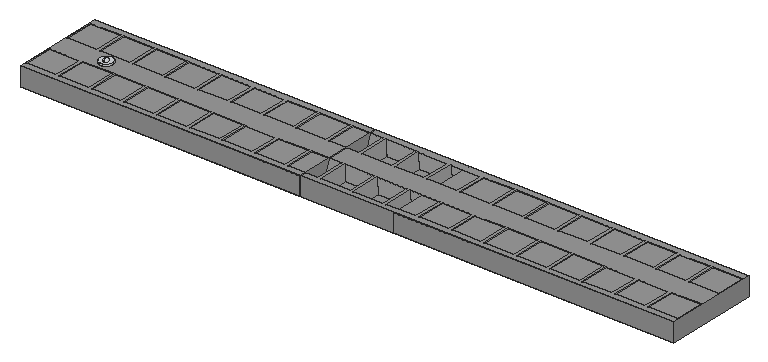
Revit family "2023775", category Lighting Fixtures, host Face, Revit 2018 (continued)
Automatic sketch dimensions
  Blend 64 sketch curve to plane 6 = 23.5 mm
  Blend 65 sketch curve to plane 12 = 0 mm
  Blend 65 sketch curve to plane 49 = 0 mm
  Blend 65 sketch curve to plane 51 = 0.009 mm
  Blend 65 sketch curve to plane 6 = 13 mm
  plane 49 to Blend 65 sketch curve = 10.5 mm
  Blend 65 sketch curve to plane 51 = 10.509 mm
  plane 12 to Blend 65 sketch curve = 10.5 mm
  Blend 65 sketch curve to plane 6 = 23.5 mm
  Extrusion 66 sketch curve to plane 59 = 0 mm
  Extrusion 66 sketch curve to plane 58 = 0 mm
  plane 12 to Extrusion 66 sketch curve = 10.5 mm
  Extrusion 66 sketch curve to plane 6 = 23.5 mm
  plane 50 to Extrusion 67 sketch curve = 10.5 mm
  Extrusion 67 sketch curve to plane 14 = 10.5 mm
  plane 12 to Extrusion 67 sketch curve = 10.5 mm
  Extrusion 67 sketch curve to plane 6 = 23.5 mm
  plane 15 to Extrusion 68 sketch curve = 10.5 mm
  Extrusion 68 sketch curve to plane 16 = 10.5 mm
  plane 12 to Extrusion 68 sketch curve = 10.5 mm
  Extrusion 68 sketch curve to plane 6 = 23.5 mm
  plane 17 to Extrusion 69 sketch curve = 10.5 mm
  Extrusion 69 sketch curve to plane 18 = 10.5 mm
  plane 12 to Extrusion 69 sketch curve = 10.5 mm
  Extrusion 69 sketch curve to plane 6 = 23.5 mm
  plane 19 to Extrusion 70 sketch curve = 10.5 mm
  Extrusion 70 sketch curve to plane 20 = 10.5 mm
  plane 12 to Extrusion 70 sketch curve = 10.5 mm
  Extrusion 70 sketch curve to plane 6 = 23.5 mm
  plane 21 to Extrusion 71 sketch curve = 10.5 mm
  Extrusion 71 sketch curve to plane 22 = 10.5 mm
  plane 12 to Extrusion 71 sketch curve = 10.5 mm
  Extrusion 71 sketch curve to plane 6 = 23.5 mm
  plane 23 to Extrusion 72 sketch curve = 10.5 mm
  Extrusion 72 sketch curve to plane 24 = 10.5 mm
  plane 12 to Extrusion 72 sketch curve = 10.5 mm
  Extrusion 72 sketch curve to plane 6 = 23.5 mm
  plane 31 to Extrusion 73 sketch curve = 10.5 mm
  Extrusion 73 sketch curve to plane 32 = 10.5 mm
  plane 12 to Extrusion 73 sketch curve = 10.5 mm
  Extrusion 73 sketch curve to plane 6 = 23.5 mm
  plane 33 to Extrusion 74 sketch curve = 10.5 mm
  Extrusion 74 sketch curve to plane 34 = 10.5 mm
  plane 12 to Extrusion 74 sketch curve = 10.5 mm
  Extrusion 74 sketch curve to plane 6 = 23.5 mm
  plane 35 to Extrusion 75 sketch curve = 10.5 mm
  Extrusion 75 sketch curve to plane 36 = 10.5 mm
  plane 12 to Extrusion 75 sketch curve = 10.5 mm
  Extrusion 75 sketch curve to plane 6 = 23.5 mm
  plane 37 to Extrusion 76 sketch curve = 10.5 mm
  Extrusion 76 sketch curve to plane 38 = 10.5 mm
  plane 12 to Extrusion 76 sketch curve = 10.5 mm
  Extrusion 76 sketch curve to plane 6 = 23.5 mm
  plane 39 to Extrusion 77 sketch curve = 10.5 mm
  Extrusion 77 sketch curve to plane 40 = 10.5 mm
  plane 12 to Extrusion 77 sketch curve = 10.5 mm
  Extrusion 77 sketch curve to plane 6 = 23.5 mm
  plane 41 to Extrusion 78 sketch curve = 10.5 mm
  Extrusion 78 sketch curve to plane 42 = 10.5 mm
  plane 12 to Extrusion 78 sketch curve = 10.5 mm
  Extrusion 78 sketch curve to plane 6 = 23.5 mm
  plane 43 to Extrusion 79 sketch curve = 10.5 mm
  Extrusion 79 sketch curve to plane 44 = 10.5 mm
  plane 12 to Extrusion 79 sketch curve = 10.5 mm
  Extrusion 79 sketch curve to plane 6 = 23.5 mm
  plane 45 to Extrusion 80 sketch curve = 10.5 mm
  Extrusion 80 sketch curve to plane 46 = 10.5 mm
  plane 12 to Extrusion 80 sketch curve = 10.5 mm
  Extrusion 80 sketch curve to plane 6 = 23.5 mm
  plane 47 to Extrusion 81 sketch curve = 10.5 mm
  Extrusion 81 sketch curve to plane 48 = 10.5 mm
  plane 12 to Extrusion 81 sketch curve = 10.5 mm
  Extrusion 81 sketch curve to plane 6 = 23.5 mm
  plane 49 to Extrusion 82 sketch curve = 10.5 mm
  Extrusion 82 sketch curve to plane 51 = 10.509 mm
  plane 12 to Extrusion 82 sketch curve = 10.5 mm
  Extrusion 82 sketch curve to plane 6 = 23.5 mm
  plane 25 to Extrusion 83 sketch curve = 10.5 mm
  Extrusion 83 sketch curve to plane 26 = 10.5 mm
  plane 12 to Extrusion 83 sketch curve = 10.5 mm
  Extrusion 83 sketch curve to plane 6 = 23.5 mm
  plane 27 to Extrusion 84 sketch curve = 10.5 mm
  Extrusion 84 sketch curve to plane 28 = 10.5 mm
  plane 12 to Extrusion 84 sketch curve = 10.5 mm
  Extrusion 84 sketch curve to plane 6 = 23.5 mm
  plane 29 to Extrusion 85 sketch curve = 10.5 mm
  Extrusion 85 sketch curve to plane 30 = 10.5 mm
  plane 12 to Extrusion 85 sketch curve = 10.5 mm
  Extrusion 85 sketch curve to plane 6 = 23.5 mm
  Extrusion 86 sketch curve to plane 4 = 0 mm
  Extrusion 86 sketch curve to plane 5 = 0 mm
  Extrusion 86 sketch curve to plane 7 = 0 mm
  Extrusion 86 sketch curve to plane 6 = 0 mm
  plane 1 "Center (Front/Back)" to Extrusion 87 sketch curve = 0 mm
  Extrusion 87 sketch curve to plane 60 = 0 mm
  Revolve 88 sketch curve to plane 61 = 0 mm
  Revolve 88 sketch curve to plane 1 "Center (Front/Back)" = 0 mm  (x2)
  plane 62 to Revolve 88 sketch curve = 0.005 mm
  plane 1 "Center (Front/Back)" to Revolve 88 sketch curve = 0.025 mm
  plane 8 to Revolve 88 sketch curve = 3.005 mm
  Revolve 88 sketch curve to plane 8 = 0.612 mm
  plane 62 to Revolve 88 sketch curve = 0.198 mm
  radius of Extrusion 87 sketch curve = 14 mm
Connectors
  electrical at (0, 0, 0), driven by "Apparent Load", driven by "PowerFactor", driven by "Voltage"
    settings: index 1, voltage 0 V, apparent load 47 VA, apparent load phase1 0 VA, apparent load phase2 0 VA, apparent load phase3 0 VA, power factor 0, load classification "Lighting", number of poles 1, system type 30, power factor state 1, is connector primary yes, connector utility no, sub classification motor no, connector description ""
